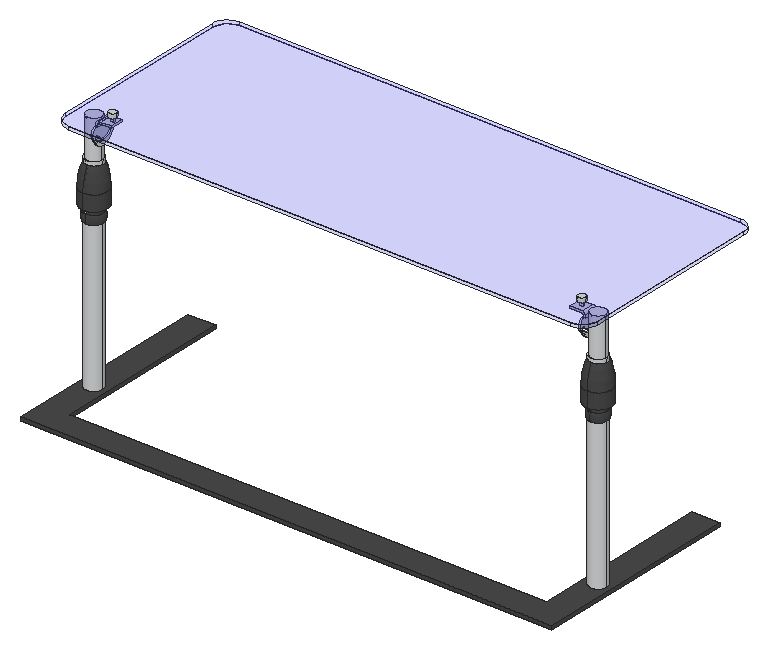
Revit family "QF_Vollrath_MB36", category Specialty Equipment, Revit 2018
Family settings
  Round Connector Dimension = Use Diameter
  Part Type = Normal
  Work Plane-Based = No
  Always vertical = Yes
  Cut with Voids When Loaded = Yes
  Shared = No
  Room Calculation Point = No
Parameters (values of type "MB36FLAT")
  Weight in Pounds = 0
  Undercounter Visibility [instance] = no
  TM Utilties = "0"
  Serial Number [instance] = ""
  Mounted = no
  Model = "MB36FLAT"
  Manufacturer = "Vollrath"
  Legs = yes
  Keynote = ""
  Item Number [instance] = ""
  Installed By = "KEC"
  Include In Foodservice Schedule = yes
  Height Constraint = if(Height < 16 1/2", 16 1/2", (if(Height > 25 1/2", 25 1/2", Height)))  # 16 1/2"
  Height = 16 1/2"
  Furnished By = "KEC"
  Flat Glass = yes
  Description = "Mobile Breath Guard"
  Curved Glass = no
  Cost = 0
  CSI MasterFormat = ""
  Above Counter Visibity [instance] = no
Types (4): name | Mounted | Model | Legs | Flat Glass | Curved Glass
  (no name) | no | "MB36FLAT" | yes | yes | no
  MB36 | no | "MB36" | yes | no | yes
  MB36FLAT | no | "MB36FLAT" | yes | yes | no
  MB36MOUNT | yes | "MB36MOUNT" | no | yes | no
Reference planes (in)
  plane 1 "Unit_Center (F/B)": y = 0
  plane 2: z = 0
  plane 3 "Unit_Center (L/R)": x = 0
  plane 4 "Right": x = 17.75
  plane 5 "Left": x = -17.75
  plane 6 "Base Rear": y = 9
  plane 7 "Base Front": y = -5
  plane 8 "Left Leg": x = -15.92
  plane 9 "Right Leg": x = 15.92
  plane 10 "Front Leg": y = -3.17
  plane 11 "Top of Legs": z = 0.24
  plane 12 "Top of Base Pole": z = 13.94
  plane 13 "Base of Inside Pole": z = 2.5
  plane 14 "Height": z = 16.74
  plane 15 "Bottom of Glass": z = 16.49
  plane 16 "Front of Glass": y = -2.17
  plane 17 "Rear of Glass": y = 12.03
  plane 18 "Top of Screw": z = 16.96973
Forms (in)
  Extrusion 1, solid, material "QF_Finishes-Black", visible <- "Legs"
    sketch origin (0, 0, 0) x (1, 0, 0) y (0, 1, 0)
      loop
        line (-17.75, -5) -> (17.75, -5) -> (17.75, 9) -> (15.92, 9) -> (15.92, -3.17) -> (-15.92, -3.17) -> (-15.92, 9) -> (-17.75, 9) -> (-17.75, -5)
    from 0 to 0.24
  Extrusion 2, solid, material "QF_Finishes-Aluminum"
    sketch origin (0.05429, 0, 0) x (1, 0, 0) y (0, 1, 0)
      loop
        circle (-16.88929, 0) r 0.5
    from 2.5 to 16.49
  Revolve 3, solid, material "QF_Finishes-Black"
    sketch origin (-16.835, 0, 0) x (0, 1, 0) y (0, 0, 1)
      loop
        line (0, 13.94) -> (0, 10.20487) -> (0.64071, 10.20487)
        arc (0.64071, 10.20487) -> (0.67488, 10.48612) -> (0.64071, 10.76737) r 1.17447
        line (0.64071, 10.76737) -> (0.5753, 10.76737) -> (0.5753, 11.14237) -> (0.89071, 11.14237) -> (0.89071, 12.14237)
        arc (0.89071, 12.14237) -> (0.7919, 13.06217) -> (0.5, 13.94) r 4.33075
        line (0.5, 13.94) -> (0, 13.94)
      axis (0, 13.94) -> (0, 10.20487)
    angle from 0 to 360
  Extrusion 4, solid, material "QF_Finishes-Aluminum"
    sketch origin (0, 0, 0) x (1, 0, 0) y (0, 1, 0)
      loop
        circle (-16.835, 0) r 0.5753
    from 0.24 to 13.94
  Extrusion 5, solid, material "QF_Finishes-Aluminum"
    sketch origin (0, 0, 0) x (-1, 0, 0) y (0, -1, 0)
      loop
        circle (-16.835, 0) r 0.5753
    from 0.24 to 13.94
  Extrusion 6, solid, material "QF_Finishes-Aluminum", visible <- "Mounted"
    sketch origin (0, 0, 0) x (1, 0, 0) y (0, 1, 0)
      loop
        circle (-16.835, 0) r 1.25
    from 0 to 0.24
  Extrusion 7, solid, material "QF_Finishes-Aluminum", visible <- "Mounted"
    sketch origin (0, 0, 0) x (-1, 0, 0) y (0, -1, 0)
      loop
        circle (-16.835, 0) r 1.25
    from 0 to 0.24
  Revolve 8, solid, material "QF_Finishes-Black"
    sketch origin (16.835, 0, 0) x (0, 1, 0) y (0, 0, -1)
      loop
        line (0, -13.94) -> (0.5, -13.94)
        arc (0.5, -13.94) -> (0.7919, -13.06217) -> (0.89071, -12.14237) r 4.33075
        line (0.89071, -12.14237) -> (0.89071, -11.14237) -> (0.5753, -11.14237) -> (0.5753, -10.76737) -> (0.64071, -10.76737)
        arc (0.64071, -10.76737) -> (0.67488, -10.48612) -> (0.64071, -10.20487) r 1.17447
        line (0.64071, -10.20487) -> (0, -10.20487) -> (0, -13.94)
      axis (0, -13.94) -> (0, -10.20487)
    angle from 0 to 360
  Extrusion 9, solid, material "QF_Finishes-Aluminum"
    sketch origin (-0.05429, 0, 0) x (-1, 0, 0) y (0, -1, 0)
      loop
        circle (-16.88929, 0) r 0.5
    from 2.5 to 16.49
  Extrusion 10, solid
    sketch origin (-6, 0, 0) x (0, 1, 0) y (0, 0, 1)
      loop
        line (0.44044, 15.02645) -> (0.76948, 15.49635)
        arc (0.76948, 15.49635) -> (0.8288, 15.87428) -> (0.56454, 16.15089) r 0.4316
        arc (0.56454, 16.15089) -> (0, 16.25043) -> (-0.56454, 16.15089) r 1.6506
        arc (-0.56454, 16.15089) -> (-0.8288, 15.87428) -> (-0.76948, 15.49635) r 0.4316
        line (-0.76948, 15.49635) -> (-0.44083, 15.027)
        arc (-0.44083, 15.027) -> (-0.00028, 14.89318) -> (0.44044, 15.02645) r 0.79376
      loop
        arc (0.53439, 15.68978) -> (0.00563, 15.33736) -> (-0.52882, 15.68107) r 0.58002
        arc (-0.52882, 15.68107) -> (-0.67596, 15.70858) -> (-0.71292, 15.56353) r 0.10944
        arc (-0.71292, 15.56353) -> (0.00088, 15.14183) -> (0.71468, 15.56353) r 0.81497
        arc (0.71468, 15.56353) -> (0.68122, 15.70761) -> (0.53439, 15.68978) r 0.11069
    from -10.33404 to -10.20554
  Extrusion 11, solid
    sketch origin (-6, 0, 0) x (1, 0, 0) y (0, 0, 1)
      loop
        line (-10.33404, 16.13627) -> (-10.20554, 16.13627) -> (-10.20554, 16.29389)
        arc (-10.20554, 16.29389) -> (-10.16528, 16.35704) -> (-10.09454, 16.38161) r 0.11408
        line (-10.09454, 16.38161) -> (-9.31931, 16.38161) -> (-9.31931, 16.49) -> (-10.14333, 16.49)
        arc (-10.14333, 16.49) -> (-10.27818, 16.43414) -> (-10.33404, 16.2993) r 0.1907
        line (-10.33404, 16.2993) -> (-10.33404, 16.13627)
    from -0.44044 to 0.44083
  Extrusion 12, solid
    sketch origin (-6.46094, 0.09375, 0) x (1, 0, 0) y (0, 1, 0)
      loop
        circle (-9.20821, 0.00874) r 0.25
    from 16.74 to 16.96973
  Extrusion 13, solid
    sketch origin (-6, 0, 0) x (1, 0, 0) y (0, 1, 0)
      loop
        circle (-9.66915, 0.10249) r 0.11308
    from 16.38161 to 16.74
  Extrusion 14, solid, not visible
    sketch origin (6, 0, 0) x (0, -1, 0) y (0, 0, 1)
      loop
        arc (-0.44044, 15.02645) -> (0.00028, 14.89318) -> (0.44083, 15.027) r 0.79376
        line (0.44083, 15.027) -> (0.76948, 15.49635)
        arc (0.76948, 15.49635) -> (0.8288, 15.87428) -> (0.56454, 16.15089) r 0.4316
        arc (0.56454, 16.15089) -> (0, 16.25043) -> (-0.56454, 16.15089) r 1.6506
        arc (-0.56454, 16.15089) -> (-0.8288, 15.87428) -> (-0.76948, 15.49635) r 0.4316
        line (-0.76948, 15.49635) -> (-0.44044, 15.02645)
      loop
        arc (-0.53439, 15.68978) -> (-0.68122, 15.70761) -> (-0.71468, 15.56353) r 0.11069
        arc (-0.71468, 15.56353) -> (-0.00088, 15.14183) -> (0.71292, 15.56353) r 0.81497
        arc (0.71292, 15.56353) -> (0.67596, 15.70858) -> (0.52882, 15.68107) r 0.10944
        arc (0.52882, 15.68107) -> (-0.00563, 15.33736) -> (-0.53439, 15.68978) r 0.58002
    from -10.33404 to -10.20554
  Extrusion 15, solid, not visible
    sketch origin (6, 0, 0) x (-1, 0, 0) y (0, 0, 1)
      loop
        line (16.33404, 16.13627) -> (16.33404, 16.2993)
        arc (16.33404, 16.2993) -> (16.27818, 16.43414) -> (16.14333, 16.49) r 0.1907
        line (16.14333, 16.49) -> (15.31931, 16.49) -> (15.31931, 16.38161) -> (16.09454, 16.38161)
        arc (16.09454, 16.38161) -> (16.16528, 16.35704) -> (16.20554, 16.29389) r 0.11408
        line (16.20554, 16.29389) -> (16.20554, 16.13627) -> (16.33404, 16.13627)
    from -0.44044 to 0.44083
  Extrusion 16, solid, not visible
    sketch origin (6.46094, -0.09375, 0) x (-1, 0, 0) y (0, -1, 0)
      loop
        circle (16.13008, -0.19624) r 0.25
    from 16.74 to 16.96973
  Extrusion 17, solid, not visible
    sketch origin (6, 0, 0) x (-1, 0, 0) y (0, -1, 0)
      loop
        circle (15.66915, -0.10249) r 0.11308
    from 16.38161 to 16.74
  Extrusion 18, solid
    sketch origin (6, 0, 0) x (0, -1, 0) y (0, 0, 1)
      loop
        arc (-0.44044, 15.02645) -> (0.00028, 14.89318) -> (0.44083, 15.027) r 0.79376
        line (0.44083, 15.027) -> (0.76948, 15.49635)
        arc (0.76948, 15.49635) -> (0.8288, 15.87428) -> (0.56454, 16.15089) r 0.4316
        arc (0.56454, 16.15089) -> (0, 16.25043) -> (-0.56454, 16.15089) r 1.6506
        arc (-0.56454, 16.15089) -> (-0.8288, 15.87428) -> (-0.76948, 15.49635) r 0.4316
        line (-0.76948, 15.49635) -> (-0.44044, 15.02645)
      loop
        arc (-0.53439, 15.68978) -> (-0.68122, 15.70761) -> (-0.71468, 15.56353) r 0.11069
        arc (-0.71468, 15.56353) -> (-0.00088, 15.14183) -> (0.71292, 15.56353) r 0.81497
        arc (0.71292, 15.56353) -> (0.67596, 15.70858) -> (0.52882, 15.68107) r 0.10944
        arc (0.52882, 15.68107) -> (-0.00563, 15.33736) -> (-0.53439, 15.68978) r 0.58002
    from -10.33404 to -10.20554
  Extrusion 19, solid
    sketch origin (6, 0, 0) x (-1, 0, 0) y (0, 0, 1)
      loop
        line (-10.33404, 16.13627) -> (-10.20554, 16.13627) -> (-10.20554, 16.29389)
        arc (-10.20554, 16.29389) -> (-10.16528, 16.35704) -> (-10.09454, 16.38161) r 0.11408
        line (-10.09454, 16.38161) -> (-9.31931, 16.38161) -> (-9.31931, 16.49) -> (-10.14333, 16.49)
        arc (-10.14333, 16.49) -> (-10.27818, 16.43414) -> (-10.33404, 16.2993) r 0.1907
        line (-10.33404, 16.2993) -> (-10.33404, 16.13627)
    from -0.44044 to 0.44083
  Extrusion 20, solid
    sketch origin (6.46094, -0.09375, 0) x (-1, 0, 0) y (0, -1, 0)
      loop
        circle (-9.20821, -0.19624) r 0.25
    from 16.74 to 16.96973
  Extrusion 21, solid
    sketch origin (6, 0, 0) x (-1, 0, 0) y (0, -1, 0)
      loop
        circle (-9.66915, -0.10249) r 0.11308
    from 16.38161 to 16.74
Dimensions and locks (in)
  "Height Constraint": plane 14 "Height" to plane 11 "Top of Legs"
  plane 18 "Top of Screw" to plane 14 "Height" to plane 15 "Bottom of Glass" = 0.22973" locked, 1/4" locked
  aligned and locked: plane 2 to level
  aligned and locked: Extrusion 1 to plane 11 "Top of Legs"
  aligned and locked: Extrusion 2 to plane 13 "Base of Inside Pole"
  aligned and locked: Extrusion 4 to Extrusion 1
  aligned and locked: plane 12 "Top of Base Pole" to Extrusion 4
  aligned and locked: Extrusion 1 to Extrusion 6
  aligned and locked: Extrusion 7 to plane 11 "Top of Legs"
  aligned and locked: Extrusion 7 to plane 2
  aligned and locked: plane 11 "Top of Legs" to Extrusion 6
  aligned and locked: Extrusion 6 to plane 2
  aligned and locked: Extrusion 11 to Extrusion 10  (x2)
  aligned and locked: Extrusion 12 to plane 14 "Height"
  aligned and locked: Extrusion 11 to Extrusion 13  (x2)
  aligned and locked: plane 14 "Height" to Extrusion 13
  aligned and locked: plane 15 "Bottom of Glass" to Extrusion 2
  aligned and locked: plane 15 "Bottom of Glass" to Extrusion 9
  aligned and locked: plane 15 "Bottom of Glass" to Extrusion 11  (x3)
  aligned and locked: plane 14 "Height" to Extrusion 12  (x3)
  aligned and locked: plane 18 "Top of Screw" to Extrusion 12  (x3)
  aligned and locked: Extrusion 21 to Extrusion 19  (x2)
  aligned and locked: plane 18 "Top of Screw" to Extrusion 20
  aligned and locked: Extrusion 12 to plane 18 "Top of Screw"  (x4)
  aligned and locked: Extrusion 20 to plane 14 "Height"
  aligned and locked: plane 15 "Bottom of Glass" to Extrusion 19  (x3)
  aligned and locked: Extrusion 20 to plane 18 "Top of Screw"  (x6)
  aligned and locked: plane 14 "Height" to Extrusion 21
  aligned and locked: plane 14 "Height" to Extrusion 20  (x4)
  aligned and locked: Extrusion 21 to plane 14 "Height"  (x2)
  aligned and locked: Extrusion 15 to Extrusion 17
  aligned and locked: plane 14 "Height" to nested 2
  aligned and locked: nested 2 to plane 15 "Bottom of Glass"
  aligned and locked: plane 14 "Height" to nested 1
  aligned and locked: nested 1 to plane 15 "Bottom of Glass"
Automatic sketch dimensions
  Extrusion 1 sketch curve to plane 5 "Left" = 0"
  Extrusion 1 sketch curve to plane 6 "Base Rear" = 0"  (x2)
  Extrusion 1 sketch curve to plane 8 "Left Leg" = 0"
  Extrusion 1 sketch curve to plane 9 "Right Leg" = 0"
  Extrusion 1 sketch curve to plane 4 "Right" = 0"
  Extrusion 1 sketch curve to plane 7 "Base Front" = 0"
  Extrusion 1 sketch curve to plane 10 "Front Leg" = 0"
  plane 1 "Unit_Center (F/B)" to Extrusion 2 sketch curve = 0"
  plane 5 "Left" to Extrusion 2 sketch curve = 0.915"
  plane 1 "Unit_Center (F/B)" to Extrusion 4 sketch curve = 0"
  plane 5 "Left" to Extrusion 4 sketch curve = 0.915"
  plane 1 "Unit_Center (F/B)" to Extrusion 5 sketch curve = 0"
  Extrusion 5 sketch curve to plane 4 "Right" = 0.915"
  plane 1 "Unit_Center (F/B)" to Extrusion 6 sketch curve = 0"
  plane 5 "Left" to Extrusion 6 sketch curve = 0.915"
  plane 1 "Unit_Center (F/B)" to Extrusion 7 sketch curve = 0"
  Extrusion 7 sketch curve to plane 4 "Right" = 0.915"
  plane 1 "Unit_Center (F/B)" to Extrusion 9 sketch curve = 0"
  Extrusion 9 sketch curve to plane 4 "Right" = 0.915"
  Extrusion 10 sketch curve to Extrusion 10 sketch curve = 0.20014"
  Extrusion 10 sketch curve to Extrusion 10 sketch curve = 0.15241"
  Extrusion 10 sketch curve to Extrusion 10 sketch curve = 0.20081"
  Extrusion 10 sketch curve to Extrusion 10 sketch curve = 0.15174"
  Extrusion 10 sketch curve to Extrusion 10 sketch curve = 0.42662"
  Extrusion 10 sketch curve to Extrusion 10 sketch curve = 0.42717"
  Extrusion 10 sketch curve to Extrusion 10 sketch curve = 0.46991"
  Extrusion 10 sketch curve to Extrusion 10 sketch curve = 0.46936"
  Extrusion 10 sketch curve to Extrusion 10 sketch curve = 0.11999"
  Extrusion 10 sketch curve to Extrusion 10 sketch curve = 0.12059"
  Extrusion 10 sketch curve to Extrusion 10 sketch curve = 0.12837"
  Extrusion 10 sketch curve to Extrusion 10 sketch curve = 0.12898"
  Extrusion 10 sketch curve to Extrusion 10 sketch curve = 0.23042"
  Extrusion 10 sketch curve to Extrusion 10 sketch curve = 0.03943"
  Extrusion 10 sketch curve to Extrusion 10 sketch curve = 0.08824"
  Extrusion 10 sketch curve to Extrusion 10 sketch curve = 0"  (x3)
  Extrusion 10 sketch curve to Extrusion 10 sketch curve = 0.05656"
  Extrusion 10 sketch curve to Extrusion 10 sketch curve = 0.08335"
  Extrusion 11 sketch curve to Extrusion 11 sketch curve = 0.1285"
  Extrusion 11 sketch curve to Extrusion 11 sketch curve = 0.04879"
  Extrusion 11 sketch curve to Extrusion 11 sketch curve = 0.00541"
  Extrusion 11 sketch curve to Extrusion 11 sketch curve = 0.16303"
  Extrusion 10 sketch curve to Extrusion 10 sketch curve = 0.32865"
  Extrusion 10 sketch curve to Extrusion 10 sketch curve = 0.44083"
  Extrusion 10 sketch curve to Extrusion 10 sketch curve = 0.41715"
  Extrusion 10 sketch curve to Extrusion 10 sketch curve = 0.00066"
  Extrusion 10 sketch curve to Extrusion 10 sketch curve = 0.4167"
  Extrusion 10 sketch curve to Extrusion 10 sketch curve = 0.32903"
  Extrusion 11 sketch curve to Extrusion 11 sketch curve = 0.0622"
  Extrusion 11 sketch curve to Extrusion 11 sketch curve = 0.77523"
  Extrusion 11 sketch curve to Extrusion 11 sketch curve = 0.03177"
  Extrusion 14 sketch curve to Extrusion 14 sketch curve = 0.20014"
  Extrusion 14 sketch curve to Extrusion 14 sketch curve = 0.15241"
  Extrusion 14 sketch curve to Extrusion 14 sketch curve = 0.20081"
  Extrusion 14 sketch curve to Extrusion 14 sketch curve = 0.15174"
  Extrusion 14 sketch curve to Extrusion 14 sketch curve = 0.42662"
  Extrusion 14 sketch curve to Extrusion 14 sketch curve = 0.42717"
  Extrusion 14 sketch curve to Extrusion 14 sketch curve = 0.46991"
  Extrusion 14 sketch curve to Extrusion 14 sketch curve = 0.46936"
  Extrusion 14 sketch curve to Extrusion 14 sketch curve = 0.11999"
  Extrusion 14 sketch curve to Extrusion 14 sketch curve = 0.12059"
  Extrusion 14 sketch curve to Extrusion 14 sketch curve = 0.12837"
  Extrusion 14 sketch curve to Extrusion 14 sketch curve = 0.12898"
  Extrusion 14 sketch curve to Extrusion 14 sketch curve = 0.23042"
  Extrusion 14 sketch curve to Extrusion 14 sketch curve = 0.03943"
  Extrusion 14 sketch curve to Extrusion 14 sketch curve = 0.08824"
  Extrusion 14 sketch curve to Extrusion 14 sketch curve = 0"  (x3)
  Extrusion 14 sketch curve to Extrusion 14 sketch curve = 0.05656"
  Extrusion 14 sketch curve to Extrusion 14 sketch curve = 0.08335"
  Extrusion 15 sketch curve to Extrusion 15 sketch curve = 0.1285"
  Extrusion 15 sketch curve to Extrusion 15 sketch curve = 0.04879"
  Extrusion 15 sketch curve to Extrusion 15 sketch curve = 0.00541"
  Extrusion 15 sketch curve to Extrusion 15 sketch curve = 0.16303"
  Extrusion 14 sketch curve to Extrusion 14 sketch curve = 0.32865"
  Extrusion 14 sketch curve to Extrusion 14 sketch curve = 0.44083"
  Extrusion 14 sketch curve to Extrusion 14 sketch curve = 0.41715"
  Extrusion 14 sketch curve to Extrusion 14 sketch curve = 0.00066"
  Extrusion 14 sketch curve to Extrusion 14 sketch curve = 0.4167"
  Extrusion 14 sketch curve to Extrusion 14 sketch curve = 0.32903"
  Extrusion 15 sketch curve to Extrusion 15 sketch curve = 0.0622"
  Extrusion 15 sketch curve to Extrusion 15 sketch curve = 0.77523"
  Extrusion 15 sketch curve to Extrusion 15 sketch curve = 0.03177"
  Extrusion 18 sketch curve to Extrusion 18 sketch curve = 0.20014"
  Extrusion 18 sketch curve to Extrusion 18 sketch curve = 0.15241"
  Extrusion 18 sketch curve to Extrusion 18 sketch curve = 0.20081"
  Extrusion 18 sketch curve to Extrusion 18 sketch curve = 0.15174"
  Extrusion 18 sketch curve to Extrusion 18 sketch curve = 0.42662"
  Extrusion 18 sketch curve to Extrusion 18 sketch curve = 0.42717"
  Extrusion 18 sketch curve to Extrusion 18 sketch curve = 0.46991"
  Extrusion 18 sketch curve to Extrusion 18 sketch curve = 0.46936"
  Extrusion 18 sketch curve to Extrusion 18 sketch curve = 0.11999"
  Extrusion 18 sketch curve to Extrusion 18 sketch curve = 0.12059"
  Extrusion 18 sketch curve to Extrusion 18 sketch curve = 0.12837"
  Extrusion 18 sketch curve to Extrusion 18 sketch curve = 0.12898"
  Extrusion 18 sketch curve to Extrusion 18 sketch curve = 0.23042"
  Extrusion 18 sketch curve to Extrusion 18 sketch curve = 0.03943"
  Extrusion 18 sketch curve to Extrusion 18 sketch curve = 0.08824"
  Extrusion 18 sketch curve to Extrusion 18 sketch curve = 0"  (x3)
  Extrusion 18 sketch curve to Extrusion 18 sketch curve = 0.05656"
  Extrusion 18 sketch curve to Extrusion 18 sketch curve = 0.08335"
  Extrusion 19 sketch curve to Extrusion 19 sketch curve = 0.1285"
  Extrusion 19 sketch curve to Extrusion 19 sketch curve = 0.04879"
  Extrusion 19 sketch curve to Extrusion 19 sketch curve = 0.00541"
  Extrusion 19 sketch curve to Extrusion 19 sketch curve = 0.16303"
  Extrusion 18 sketch curve to Extrusion 18 sketch curve = 0.32865"
  Extrusion 18 sketch curve to Extrusion 18 sketch curve = 0.44083"
  Extrusion 18 sketch curve to Extrusion 18 sketch curve = 0.41715"
  Extrusion 18 sketch curve to Extrusion 18 sketch curve = 0.00066"
  Extrusion 18 sketch curve to Extrusion 18 sketch curve = 0.4167"
  Extrusion 18 sketch curve to Extrusion 18 sketch curve = 0.32903"
  Extrusion 19 sketch curve to Extrusion 19 sketch curve = 0.0622"
  Extrusion 19 sketch curve to Extrusion 19 sketch curve = 0.77523"
  Extrusion 19 sketch curve to Extrusion 19 sketch curve = 0.03177"
  Revolve 3 sketch curve to plane 1 "Unit_Center (F/B)" = 0"  (x2)
  Revolve 3 sketch curve to plane 12 "Top of Base Pole" = 0"
  plane 1 "Unit_Center (F/B)" to Revolve 3 sketch curve = 0.49959"
  Revolve 3 sketch curve to plane 10 "Front Leg" = 0.27004"
  Revolve 3 sketch curve to Revolve 3 sketch curve = 1/2"
  Revolve 3 sketch curve to plane 1 "Unit_Center (F/B)" = 0.5753"
  Revolve 3 sketch curve to Revolve 3 sketch curve = 0.06541"  (x2)
  Revolve 3 sketch curve to plane 1 "Unit_Center (F/B)" = 0.89071"
  Revolve 3 sketch curve to Revolve 3 sketch curve = 1"
  Revolve 3 sketch curve to Revolve 3 sketch curve = 3/8"
  Revolve 3 sketch curve to Revolve 3 sketch curve = 9/32"
  Revolve 3 sketch curve to level = 24"
  plane 18 "Top of Screw" to Revolve 3 sketch curve = 66.54613"
  Revolve 8 sketch curve to plane 1 "Unit_Center (F/B)" = 0"  (x2)
  Revolve 8 sketch curve to plane 12 "Top of Base Pole" = 0"
  plane 1 "Unit_Center (F/B)" to Revolve 8 sketch curve = 0.49959"
  Revolve 8 sketch curve to plane 10 "Front Leg" = 0.27004"
  Revolve 8 sketch curve to Revolve 8 sketch curve = 1/2"
  Revolve 8 sketch curve to plane 1 "Unit_Center (F/B)" = 0.5753"
  Revolve 8 sketch curve to Revolve 8 sketch curve = 0.06541"  (x2)
  Revolve 8 sketch curve to plane 1 "Unit_Center (F/B)" = 0.89071"
  Revolve 8 sketch curve to Revolve 8 sketch curve = 1"
  Revolve 8 sketch curve to Revolve 8 sketch curve = 3/8"
  Revolve 8 sketch curve to Revolve 8 sketch curve = 9/32"
  plane 18 "Top of Screw" to Revolve 8 sketch curve = 66.54613"
  Revolve 8 sketch curve to level = 24"
  radius of Extrusion 2 sketch curve = 1/2"
  radius of Extrusion 4 sketch curve = 0.5753"
  radius of Extrusion 5 sketch curve = 0.5753"
  radius of Extrusion 6 sketch curve = 1 1/4"
  radius of Extrusion 7 sketch curve = 1 1/4"
  radius of Extrusion 9 sketch curve = 1/2"
  radius of Extrusion 12 sketch curve = 1/4"
  radius of Extrusion 13 sketch curve = 0.11308"
  radius of Extrusion 16 sketch curve = 1/4"
  radius of Extrusion 17 sketch curve = 0.11308"
  radius of Extrusion 20 sketch curve = 1/4"
  radius of Extrusion 21 sketch curve = 0.11308"
Nested families (in)
  nested 1: "Flat Glass 36" at (0, 4.93, 0), visible <- "Flat Glass", type "Flat Glass 36"
    with Undercounter Visibility no, Serial Number "", Item Number "", Above Counter Visibity no
  nested 2: "Curved Glass 36" at (0, 4.93, 0), visible <- "Curved Glass", type "Curved Glass 36"
    with Undercounter Visibility no, Serial Number "", Item Number "", Above Counter Visibity no
Definition of nested family "Flat Glass 36"
  Parameters (values of type "Flat Glass 36")
    Weight in Pounds = 0
    Undercounter Visibility [instance] = no
    TM Utilties = "0"
    Serial Number [instance] = ""
    Model = ""
    Manufacturer = ""
    Keynote = ""
    Item Number [instance] = ""
    Installed By = "KEC"
    Include In Foodservice Schedule = yes
    Furnished By = "KEC"
    Flat Glass = yes
    Description = ""
    Default Elevation = 48"
    Cost = 0
    CSI MasterFormat = ""
    Above Counter Visibity [instance] = no
  Reference planes (in)
    plane 1 "Unit_Center (F/B)": y = 0
    plane 2: z = 0
    plane 3 "Unit_Center (L/R)": x = 0
  Forms (in)
    Extrusion 1, solid, visible <- "Flat Glass"
      sketch origin (0, -4.93, 0) x (1, 0, 0) y (0, 1, 0)
        loop
          arc (-16.75, 12.03) -> (-17.45711, 11.73711) -> (-17.75, 11.03) r 1
          line (-17.75, 11.03) -> (-17.75, -1.17)
          arc (-17.75, -1.17) -> (-17.45711, -1.87711) -> (-16.75, -2.17) r 1
          line (-16.75, -2.17) -> (16.76096, -2.17)
          arc (16.76096, -2.17) -> (17.46807, -1.87711) -> (17.76096, -1.17) r 1
          line (17.76096, -1.17) -> (17.76096, 11.03)
          arc (17.76096, 11.03) -> (17.46807, 11.73711) -> (16.76096, 12.03) r 1
          line (16.76096, 12.03) -> (-16.75, 12.03)
      from 16.49 to 16.74
  Lines and regions (in)
    symbolic lines
      curve 1: line (-17.75, 6.1, 0) -> (-17.75, -6.1, 0)
      curve 2: arc (-16.75, 7.1, 0) -> (-17.45711, 6.80711, 0) -> (-17.75, 6.1, 0) r 1
      curve 3: line (16.75, 7.1, 0) -> (-16.75, 7.1, 0)
      curve 4: arc (17.75, 6.1, 0) -> (17.45711, 6.80711, 0) -> (16.75, 7.1, 0) r 1
      curve 5: line (17.75, -6.1, 0) -> (17.75, 6.1, 0)
      curve 6: arc (16.75, -7.1, 0) -> (17.45711, -6.80711, 0) -> (17.75, -6.1, 0) r 1
      curve 7: line (-16.75, -7.1, 0) -> (16.75, -7.1, 0)
      curve 8: arc (-17.75, -6.1, 0) -> (-17.45711, -6.80711, 0) -> (-16.75, -7.1, 0) r 1
  Dimensions and locks (in)
    aligned and locked: plane 2 to level
Definition of nested family "Curved Glass 36"
  Parameters (values of type "Curved Glass 36")
    Weight in Pounds = 0
    Undercounter Visibility [instance] = no
    TM Utilties = "0"
    Serial Number [instance] = ""
    Model = ""
    Manufacturer = ""
    Keynote = ""
    Item Number [instance] = ""
    Installed By = "KEC"
    Include In Foodservice Schedule = yes
    Furnished By = "KEC"
    Flat Glass = yes
    Description = ""
    Default Elevation = 48"
    Cost = 0
    CSI MasterFormat = ""
    Above Counter Visibity [instance] = no
  Reference planes (in)
    plane 1 "Unit_Center (F/B)": y = 0
    plane 2: z = 0
    plane 3 "Unit_Center (L/R)": x = 0
    plane 4 "Rear": y = 6.86
    plane 5 "Front": y = -6.6
  Forms (in)
    Extrusion 1, solid, visible <- "Flat Glass"
      sketch origin (0, -4.93, 0) x (1, 0, 0) y (0, 1, 0)
        loop
          line (-17.75, 10.68) -> (-17.75, -0.69457) -> (17.78283, -0.69457) -> (17.78283, 10.68) -> (-17.75, 10.68)
      from 16.49 to 16.74
    Extrusion 2, solid
      sketch origin (0, -11.12561, 11.61792) x (1, 0, 0) y (0, 0.576549, -0.817062)
        loop
          line (17.75, 5.54378) -> (17.75, 6.86984)
          arc (17.75, 6.86984) -> (17.57134, 7.30117) -> (17.14, 7.47984) r 0.61
          line (17.14, 7.47984) -> (-17.14, 7.47984)
          arc (-17.14, 7.47984) -> (-17.57134, 7.30117) -> (-17.75, 6.86984) r 0.61
          line (-17.75, 6.86984) -> (-17.75, 5.54378) -> (17.75, 5.54378)
      from 16.49 to 16.74
    Extrusion 3, solid
      sketch origin (0, 6.71567, 4.14167) x (1, 0, 0) y (0, 0.898171, 0.439647)
        loop
          line (17.78283, -5.54378) -> (-17.75, -5.54378) -> (-17.75, -6.10782)
          arc (-17.75, -6.10782) -> (-17.57134, -6.53916) -> (-17.14, -6.71782) r 0.61
          line (-17.14, -6.71782) -> (17.17283, -6.71782)
          arc (17.17283, -6.71782) -> (17.60417, -6.53916) -> (17.78283, -6.10782) r 0.61
          line (17.78283, -6.10782) -> (17.78283, -5.54378)
      from 16.49 to 16.74
  Lines and regions (in)
    symbolic lines
      curve 1: line (17.17283, 6.86451, 0) -> (-17.14, 6.86451, 0)
      curve 2: spline (-17.14, 6.86451, 0) -> (-17.21962, 6.8615, 0) -> (-17.29788, 6.85253, 0) -> (-17.37344, 6.83774, 0) -> (-17.445, 6.81739, 0) -> (-17.51134, 6.79183, 0) -> (-17.57134, 6.7615, 0) -> (-17.62395, 6.72691, 0) -> (-17.66828, 6.68866, 0) -> (-17.70357, 6.6474, 0) -> (-17.72921, 6.60384, 0) -> (-17.74478, 6.55872, 0) -> (-17.75, 6.51281, 0)
      curve 3: line (-17.75, 6.51281, 0) -> (-17.75, 5.54401, 0)
      curve 4: line (17.78283, 5.54401, 0) -> (17.78283, 6.51281, 0)
      curve 5: spline (17.78283, 6.51281, 0) -> (17.77762, 6.55872, 0) -> (17.76205, 6.60384, 0) -> (17.7364, 6.6474, 0) -> (17.70111, 6.68866, 0) -> (17.65678, 6.72691, 0) -> (17.60417, 6.7615, 0) -> (17.54418, 6.79183, 0) -> (17.47783, 6.81739, 0) -> (17.40627, 6.83774, 0) -> (17.33071, 6.85253, 0) -> (17.25245, 6.8615, 0) -> (17.17283, 6.86451, 0)
      curve 6: line (-17.14, -6.67777, 0) -> (17.17283, -6.67777, 0)
      curve 7: spline (17.17283, -6.67777, 0) -> (17.25245, -6.67308, 0) -> (17.33071, -6.6591, 0) -> (17.40627, -6.63606, 0) -> (17.47783, -6.60437, 0) -> (17.54418, -6.56455, 0) -> (17.60417, -6.5173, 0) -> (17.65678, -6.46341, 0) -> (17.70111, -6.40383, 0) -> (17.7364, -6.33955, 0) -> (17.76205, -6.27169, 0) -> (17.77762, -6.2014, 0) -> (17.78283, -6.12988, 0)
      curve 8: line (17.78283, -6.12988, 0) -> (17.78283, -5.51336, 0)
      curve 9: line (17.75, -5.62457, 0) -> (17.75, 5.75, 0)
      curve 10: spline (-17.75, -6.12988, 0) -> (-17.74478, -6.2014, 0) -> (-17.72921, -6.27169, 0) -> (-17.70357, -6.33955, 0) -> (-17.66828, -6.40383, 0) -> (-17.62395, -6.46341, 0) -> (-17.57134, -6.5173, 0) -> (-17.51134, -6.56455, 0) -> (-17.445, -6.60437, 0) -> (-17.37344, -6.63606, 0) -> (-17.29788, -6.6591, 0) -> (-17.21962, -6.67308, 0) -> (-17.14, -6.67777, 0)
      curve 11: line (-17.75, -5.51336, 0) -> (-17.75, -6.12988, 0)
      curve 12: line (-17.75, 5.75, 0) -> (-17.75, -5.62457, 0)
  Dimensions and locks (in)
    aligned and locked: plane 2 to level
